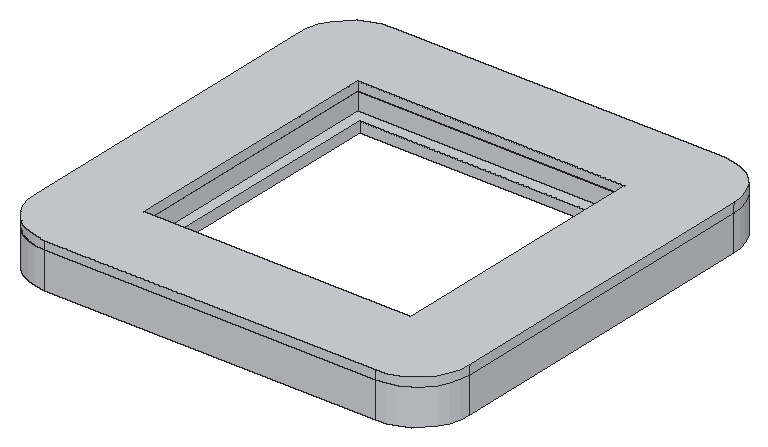
Revit family "Gira_0211411", category Electrical Fixtures, host Face, Revit 2017
Family settings
  Host = Face
  Maintain Annotation Orientation = No
  Round Connector Dimension = Use Diameter
  Part Type = Normal
  Cut with Voids When Loaded = No
  Shared = No
  Room Calculation Point = No
Parameters (values of type "Abdeckrahmen 1f Gira E3 Hellgrau/Reinweiß")
  Werkstoffgüte = "sonstige"
  Werkstoff = "sonstige"
  URL = "http://katalog.gira.de/de_DE/datenblatt.html?artikelnr=0211411"
  Transparent = "No"
  Textfeld/Beschriftungsfläche = "No"
  Schutzart (IP) = "IP20"
  Region = "DE"
  Oberfläche = "sonstige"
  Name = "Abdeckrahmen 1f Gira E3 Hellgrau/Reinweiß"
  Montagerichtung = "horizontal und vertikal"
  Mit Montagerahmen = "No"
  Mit Klappdeckel = "No"
  Manufacturer URL = "https://www.gira.de/"
  Keynote = "E3_Rahmen_1fach"
  HeinzeBIM = "https://bimportal.heinze.de/bim/abdeckrahmen-1f-gira-e3-hellgrau-reinweiss/d00268bdc5bfb8c5c4d4644b4a98dc58597ecbae"
  Halogenfrei = "Yes"
  HAN = "0211411"
  Geeignet für Unterputz-Installation = "Yes"
  Geeignet für Unterflurkanaldose = "No"
  Geeignet für Geräteeinbaukanal = "No"
  Geeignet für Einbauinstallation = "No"
  GTIN = "4010337023777"
  Farbe = "grau"
  Default Elevation = 1219.2 mm
  Data sheet (1) = "https://katalog.gira.de/de_DE/download.html?artikelnr=0211411"
  Category = "Abdeckrahmen"
  Befestigungsart = "Klemmbefestigung"
  Available = "Yes"
  Anzahl der Einheiten vertikal = "1 "
  Anzahl der Einheiten horizontal = "1 "
  Anzahl der Einheiten = "1 "
Reference planes
  plane 1 "Center (Front/Back)": y = 0
  plane 2: z = 0
  plane 3 "Center (Left/Right)": x = 0
Forms (mm)
  Extrusion 1, solid, detail levels fine
    sketch origin (0, 0, 0) x (1, 0, 0) y (0, 1, 0)
      loop
        arc (-34.8, 45.809) -> (-42.585, 42.585) -> (-45.809, 34.8) r 11.009
        line (-45.809, 34.8) -> (-45.809, -34.8)
        arc (-45.809, -34.8) -> (-42.585, -42.585) -> (-34.8, -45.809) r 11.009
        line (-34.8, -45.809) -> (34.8, -45.809)
        arc (34.8, -45.809) -> (42.585, -42.585) -> (45.809, -34.8) r 11.009
        line (45.809, -34.8) -> (45.809, 34.8)
        arc (45.809, 34.8) -> (42.585, 42.585) -> (34.8, 45.809) r 11.009
        line (34.8, 45.809) -> (-34.8, 45.809)
      loop
        line (28.187, 28.156) -> (-28.187, 28.156) -> (-28.187, -28.156) -> (28.187, -28.156) -> (28.187, 28.156)
    from 7.65 to 9.5
  Extrusion 2, solid, detail levels fine
    sketch origin (0, 0, 0) x (1, 0, 0) y (0, 1, 0)
      loop
        line (25.7, 25.7) -> (-25.7, 25.7) -> (-25.7, -25.7) -> (25.7, -25.7) -> (25.7, 25.7)
      loop
        line (-28.187, -28.156) -> (28.187, -28.156) -> (28.187, 28.156) -> (-28.187, 28.156) -> (-28.187, -28.156)
    from 1.65 to 3.9
  Extrusion 3, solid, detail levels fine
    sketch origin (0, 0, 0) x (1, 0, 0) y (0, 1, 0)
      loop
        arc (-34.8, 45.809) -> (-42.585, 42.585) -> (-45.809, 34.8) r 11.009
        line (-45.809, 34.8) -> (-45.809, -34.8)
        arc (-45.809, -34.8) -> (-42.585, -42.585) -> (-34.8, -45.809) r 11.009
        line (-34.8, -45.809) -> (34.8, -45.809)
        arc (34.8, -45.809) -> (42.585, -42.585) -> (45.809, -34.8) r 11.009
        line (45.809, -34.8) -> (45.809, 34.8)
        arc (45.809, 34.8) -> (42.585, 42.585) -> (34.8, 45.809) r 11.009
        line (34.8, 45.809) -> (-34.8, 45.809)
      loop
        line (-43.843, 34.785) -> (-43.843, -34.785)
        arc (-43.843, -34.785) -> (-41.19, -41.19) -> (-34.785, -43.843) r 9.058
        line (-34.785, -43.843) -> (34.785, -43.843)
        arc (34.785, -43.843) -> (41.19, -41.19) -> (43.843, -34.785) r 9.058
        line (43.843, -34.785) -> (43.843, 34.785)
        arc (43.843, 34.785) -> (41.19, 41.19) -> (34.785, 43.843) r 9.058
        line (34.785, 43.843) -> (-34.785, 43.843)
        arc (-34.785, 43.843) -> (-41.19, 41.19) -> (-43.843, 34.785) r 9.058
    from 0 to 7.65
  Extrusion 4, solid, detail levels fine
    sketch origin (0, 0, 0) x (1, 0, 0) y (0, 1, 0)
      loop
        line (-27.337, -31.075) -> (27.337, -31.075)
        arc (27.337, -31.075) -> (29.98, -29.98) -> (31.075, -27.337) r 3.739
        line (31.075, -27.337) -> (31.075, 27.337)
        arc (31.075, 27.337) -> (29.98, 29.98) -> (27.337, 31.075) r 3.739
        line (27.337, 31.075) -> (-27.337, 31.075)
        arc (-27.337, 31.075) -> (-29.98, 29.98) -> (-31.075, 27.337) r 3.739
        line (-31.075, 27.337) -> (-31.075, -27.337)
        arc (-31.075, -27.337) -> (-29.98, -29.98) -> (-27.337, -31.075) r 3.739
      loop
        line (-29.925, 27.537) -> (-29.925, -27.537)
        arc (-29.925, -27.537) -> (-29.226, -29.226) -> (-27.537, -29.925) r 2.389
        line (-27.537, -29.925) -> (27.537, -29.925)
        arc (27.537, -29.925) -> (29.226, -29.226) -> (29.925, -27.537) r 2.389
        line (29.925, -27.537) -> (29.925, 27.537)
        arc (29.925, 27.537) -> (29.226, 29.226) -> (27.537, 29.925) r 2.389
        line (27.537, 29.925) -> (-27.537, 29.925)
        arc (-27.537, 29.925) -> (-29.226, 29.226) -> (-29.925, 27.537) r 2.389
    from 1.65 to 7.65
  Extrusion 5, solid, detail levels fine
    sketch origin (0, 0, 0) x (1, 0, 0) y (0, 1, 0)
      loop
        line (-32.053, -39.8) -> (32.053, -39.8)
        arc (32.053, -39.8) -> (37.667, -36.708) -> (39.9, -30.7) r 9.2
        line (39.9, -30.7) -> (39.9, 30.7)
        arc (39.9, 30.7) -> (37.205, 37.205) -> (30.7, 39.9) r 9.2
        line (30.7, 39.9) -> (-30.7, 39.9)
        arc (-30.7, 39.9) -> (-37.205, 37.205) -> (-39.9, 30.7) r 9.2
        line (-39.9, 30.7) -> (-39.9, -30.7)
        arc (-39.9, -30.7) -> (-37.667, -36.708) -> (-32.053, -39.8) r 9.2
      loop
        line (-30.7, -31.7) -> (30.7, -31.7)
        arc (30.7, -31.7) -> (31.407, -31.407) -> (31.7, -30.7) r 1
        line (31.7, -30.7) -> (31.7, 30.7)
        arc (31.7, 30.7) -> (31.407, 31.407) -> (30.7, 31.7) r 1
        line (30.7, 31.7) -> (-30.7, 31.7)
        arc (-30.7, 31.7) -> (-31.407, 31.407) -> (-31.7, 30.7) r 1
        line (-31.7, 30.7) -> (-31.7, -30.7)
        arc (-31.7, -30.7) -> (-31.407, -31.407) -> (-30.7, -31.7) r 1
    from 1.65 to 3.9
  Extrusion 6, solid, detail levels fine
    sketch origin (0, 0, 0) x (1, 0, 0) y (0, 1, 0)
      loop
        line (-28.187, 28.156) -> (-28.187, -28.156) -> (28.187, -28.156) -> (28.187, 28.156) -> (-28.187, 28.156)
      loop
        line (-29.925, 29.925) -> (-29.925, -29.925) -> (29.925, -29.925) -> (29.925, 29.925) -> (-29.925, 29.925)
    from 1.65 to 7.65
  Extrusion 7, solid, detail levels coarse+medium
    sketch origin (0, 0, 0) x (1, 0, 0) y (0, 1, 0)
      loop
        line (-45.809, 45.809) -> (-45.809, -45.809) -> (45.809, -45.809) -> (45.809, 45.809) -> (-45.809, 45.809)
    from 0 to 9.5
Dimensions and locks
  aligned and locked: plane 2 to host face
  aligned and locked: level to host face
